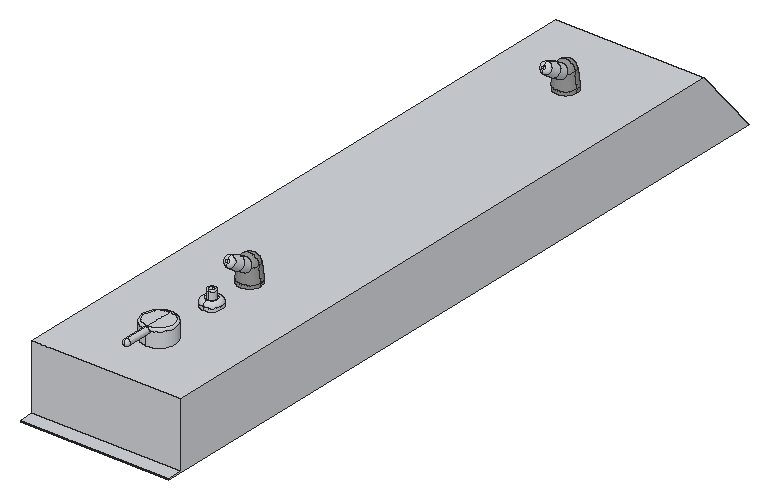
Revit family "Shower_Panel-Willoughby-CWSMS-HCA", category Plumbing Fixtures, Revit 2015
Parameters (values of type "Standard")
  Waste Connection = no
  Vent Connection = no
  URL = "https://www.willoughby-ind.com/wp-content/uploads/2018/01/CWSMS-HCA.pdf"
  Revision = "A"
  Model = "CWSMS-HCA"
  Manufacturer = "Willoughby Industries"
  HW Connection = no
  Fixture Body = Stainless Steel AISI 304-Willoughby
  Description = "Handicap Accessible, Surface Mounted Shower Panel"
  Default Elevation = 0' - 0"
  Contact = "(800)-428-4065"
  CW Connection = no
Reference planes (in)
  plane 1 "Water control": y = 3.5
  plane 2: z = 0
  plane 3 "Center (Left/Right)": x = 0
  plane 4 "Floor Level": y = -56.5
  plane 5 "shower Head HGT": y = 17.5
  plane 6 "Bottom Mountings": y = -2.5
  plane 7 "top mountings": y = 21.5
  plane 8: x = -4
  plane 9: x = 4
  plane 10 "shower HGT": y = 15.5
  plane 11: z = -4
  plane 12: z = 4
Forms (in)
  Revolve 1, solid, material "Stainless Steel AISI 304-Willoughby" <- "Fixture Body", detail levels medium+fine
    sketch origin (0, 25.0344, 3.25) x (-1, 0, 0) y (0, 0, 1)
      loop
        line (0, 0.75) -> (0, 2.34974)
        arc (0, 2.34974) -> (-0.38524, 2.20324) -> (-0.57577, 1.83777) r 0.57974
        line (-0.57577, 1.83777) -> (-0.68026, 0.95) -> (-0.68026, 0.75) -> (0, 0.75)
      axis (0, 0.75) -> (0, 2.34974)
    angle from 0 to 360
  Revolve 2, solid
    sketch origin (0, 7.59396, 3.8125) x (0, 1, 0) y (0, 0, 1)
      loop
        line (17.18469, 1.24866) -> (16.50409, 1.6416) -> (15.94984, 1.9616) -> (15.81127, 2.0416) -> (15.75127, 1.93768)
        arc (15.75127, 1.93768) -> (15.72615, 1.80431) -> (15.78984, 1.68447) r 0.205
        line (15.78984, 1.68447) -> (16.30409, 1.29519) -> (16.98469, 0.90225) -> (17.18469, 1.24866)
      axis (17.18469, 1.24866) -> (15.81127, 2.0416)
    angle from 0 to 360
  Extrusion 3, solid
    sketch origin (0, 0, 0) x (0, 1, 0) y (0, 0, 1)
      loop
        line (33.2844, 0) -> (29.928, 4) -> (-9.8406, 4) -> (-9.8406, 0.06) -> (-10.75, 0.06) -> (-10.75, 0) -> (33.2844, 0)
    from -4.5 to 4.5
  Revolve 4, solid, material "Stainless Steel AISI 304-Willoughby" <- "Fixture Body", detail levels medium+fine
    sketch origin (0, 1.0344, 3.25) x (-1, 0, 0) y (0, 0, 1)
      loop
        line (0, 0.75) -> (0, 2.34974)
        arc (0, 2.34974) -> (-0.38524, 2.20324) -> (-0.57577, 1.83777) r 0.57974
        line (-0.57577, 1.83777) -> (-0.68026, 0.95) -> (-0.68026, 0.75) -> (0, 0.75)
      axis (0, 0.75) -> (0, 2.34974)
    angle from 0 to 360
  Revolve 5, solid
    sketch origin (0, -16.40604, 3.8125) x (0, 1, 0) y (0, 0, 1)
      loop
        line (17.18469, 1.24866) -> (16.50409, 1.6416) -> (15.94984, 1.9616) -> (15.81127, 2.0416) -> (15.75127, 1.93768)
        arc (15.75127, 1.93768) -> (15.72615, 1.80431) -> (15.78984, 1.68447) r 0.205
        line (15.78984, 1.68447) -> (16.30409, 1.29519) -> (16.98469, 0.90225) -> (17.18469, 1.24866)
      axis (17.18469, 1.24866) -> (15.81127, 2.0416)
    angle from 0 to 360
  Revolve 6, solid
    sketch origin (0, 0, 0) x (0, 1, 0) y (0, 0, 1)
      loop
        line (-1.8406, 4) -> (-1.8406, 4.922) -> (-2.0306, 4.922)
        arc (-2.0306, 4.922) -> (-2.07303, 4.90443) -> (-2.0906, 4.862) r 0.06
        line (-2.0906, 4.862) -> (-2.0906, 4.422) -> (-2.2156, 4.422)
        arc (-2.2156, 4.422) -> (-2.39238, 4.34878) -> (-2.4656, 4.172) r 0.25
        line (-2.4656, 4.172) -> (-2.4656, 4) -> (-1.8406, 4)
      axis (-1.8406, 4.922) -> (-1.8406, 4)
    angle from 0 to 360
  Revolve 7, solid
    sketch origin (0, 0, 0) x (0, 1, 0) y (0, 0, 1)
      loop
        line (-6.8406, 4) -> (-5.8406, 4) -> (-5.8406, 5) -> (-6.7156, 5)
        arc (-6.7156, 5) -> (-6.80399, 4.96339) -> (-6.8406, 4.875) r 0.125
        line (-6.8406, 4.875) -> (-6.8406, 4)
      axis (-5.8406, 5) -> (-5.8406, 4)
    angle from 0 to 360
  Revolve 8, solid
    sketch origin (0, 0, 0) x (0, 1, 0) y (0, 0, 1)
      loop
        line (-6.7156, 5) -> (-8.2781, 5)
        arc (-8.2781, 5) -> (-8.41068, 4.94508) -> (-8.4656, 4.8125) r 0.1875
        line (-8.4656, 4.8125) -> (-6.7156, 4.8125) -> (-6.7156, 5)
      axis (-6.7156, 4.8125) -> (-8.4656, 4.8125)
    angle from 0 to 360
Lines and regions (in)
  symbolic lines
    curve 1: line (0, -2.5, 0) -> (0, 21.5, 0)
    curve 2: line (0, 21.5, 4) -> (0, 21.5, 0)
    curve 3: line (0, 21.5, 0) -> (0, -2.5, 0)
    curve 4: arc (-0.68026, 17.5, 0) -> (0, 18.18026, 0) -> (0.68026, 17.5, 0) r 0.68026
    curve 5: arc (0.68026, 17.5, 0) -> (0, 16.81974, 0) -> (-0.68026, 17.5, 0) r 0.68026
    curve 6: spline (-0.39996, 17.19994, 0) -> (-0.38633, 17.25179, 0) -> (-0.34637, 17.3001, 0) -> (-0.28281, 17.34159, 0) -> (-0.19998, 17.37342, 0) -> (-0.10352, 17.39343, 0) -> (0, 17.40026, 0) -> (0.10352, 17.39343, 0) -> (0.19998, 17.37342, 0) -> (0.28281, 17.34159, 0) -> (0.34637, 17.3001, 0) -> (0.38633, 17.25179, 0) -> (0.39996, 17.19994, 0)
    curve 7: line (-0.39996, 17.19994, 0) -> (-0.24316, 15.70816, 0)
    curve 8: line (0.39996, 17.19994, 0) -> (0.24316, 15.70816, 0)
    curve 9: arc (0.24316, 15.70816, 0) -> (0, 15.51166, 0) -> (-0.24316, 15.70816, 0) r 0.2487
    curve 10: line (0, 18.1924, 4) -> (0, 18.1924, 4.25)
    curve 11: line (0, 18.1924, 4.25) -> (0, 16.81974, 4.25)
    curve 12: line (0, 16.81974, 4.25) -> (0, 16.81974, 4)
    curve 13: line (0, 16.81974, 4.25) -> (0, 16.90572, 5.06802)
    curve 15: line (0, 18.1924, 4.25) -> (0, 18, 5.75)
    curve 16: arc (0, 18, 5.75) -> (0, 17.58183, 5.99886) -> (0, 17.11125, 5.8749) r 0.62899
    curve 17: line (0, 17.11125, 5.8749) -> (0, 15.88997, 6.58001)
    curve 18: arc (0, 15.88997, 6.58001) -> (0, 15.573, 6.53829) -> (0, 15.53127, 6.22132) r 0.26258
    curve 19: line (0, 17.11125, 5.8749) -> (0, 17.08923, 5.75)
    curve 20: arc (0, 17.08923, 5.75) -> (0, 17.13201, 5.54224) -> (0, 17.12596, 5.33022) r 0.91785
    curve 21: arc (0, 17.12596, 5.33022) -> (0, 17.03878, 5.18109) -> (0, 16.90706, 5.06934) r 0.51311
    curve 22: line (0, -2.5, 4) -> (0, -2.5, 0)
    curve 23: line (0, 6.1875, 4) -> (0, 5.89882, 4.5)
    curve 24: line (0, 5.89882, 4.5) -> (0, 1.10118, 4.5)
    curve 25: line (0, 1.10118, 4.5) -> (0, 0.8125, 4)
    curve 26: line (0, 4.25, 4.5) -> (0, 4.25, 4.66823)
    curve 27: line (0, 2.75, 4.5) -> (0, 2.75, 4.66823)
    curve 28: arc (0, 4.25, 4.66823) -> (0, 4.18576, 4.87109) -> (0, 4.01645, 5) r 0.35243
    curve 29: arc (0, 2.79871, 4.82082) -> (0, 2.76247, 4.74832) -> (0, 2.75, 4.66823) r 0.26338
    curve 30: line (0, 2.8534, 4.82082) -> (0, 1.26578, 4.82082)
    curve 31: line (0, 1.26578, 4.82082) -> (0, 1.26578, 5.25)
    curve 32: line (0, 1.26578, 5.25) -> (0, 4.01645, 5.25)
    curve 33: line (0, 4.01645, 5.25) -> (0, 4.01645, 4.96283)
    curve 34: line (0, 4.01645, 4.96283) -> (0, 3.95206, 5)
    curve 35: line (0, 3.95206, 5) -> (0, 3.05145, 5)
    curve 36: arc (0, 3.05145, 5) -> (0, 2.93632, 4.92822) -> (0, 2.8534, 4.82082) r 0.38329
    curve 37: line (-4, -2.5, 0) -> (-4, -3.5, 0)
    curve 38: line (-4, -3.5, 0) -> (4, -3.5, 0)
    curve 39: line (4, -3.5, 0) -> (4, -2.5, 0)
    curve 40: line (4, 8.5, 0) -> (-4, 8.5, 0)
    curve 41: line (-4, 8.5, 0) -> (-4, 8.5, 4)
    curve 42: line (-4, 8.5, 4) -> (4, 8.5, 4)
    curve 43: line (4, 8.5, 4) -> (4, 8.5, 0)
    curve 44: line (2.39882, 8.5, 4.5) -> (2.6875, 8.5, 4)
    curve 45: line (-2.39882, 8.5, 4.5) -> (-2.6875, 8.5, 4)
    curve 46: line (-2.39882, 8.5, 4.5) -> (2.39882, 8.5, 4.5)
    curve 47: line (0.68026, 8.5, 4) -> (0.68026, 8.5, 4.25)
    curve 48: line (-0.68026, 8.5, 4) -> (-0.68026, 8.5, 4.25)
    curve 49: line (-0.68026, 8.5, 4.25) -> (-0.5, 8.5, 5.75)
    curve 50: line (0.68026, 8.5, 4.25) -> (0.5, 8.5, 5.75)
    curve 51: arc (0.5, 8.5, 5.75) -> (0, 8.5, 5.99998) -> (-0.5, 8.5, 5.75) r 0.62503
    curve 52: line (0.32917, 8.5, 5.90628) -> (0.22611, 8.5, 6.49075)
    curve 53: line (-0.32372, 8.5, 5.90962) -> (-0.22125, 8.5, 6.49075)
    curve 54: arc (-0.22125, 8.5, 6.49075) -> (0.00243, 8.5, 6.61724) -> (0.22611, 8.5, 6.49075) r 0.26102
  symbolic lines, detail levels fine
    curve 14: line (0, 16.90572, 5.06802) -> (0, 15.53127, 6.22132)
Dimensions and locks (in)
  plane 1 "Water control" to plane 4 "Floor Level" = 5' - 0"
  plane 8 to plane 3 "Center (Left/Right)" = 0' - 4"
  plane 3 "Center (Left/Right)" to plane 9 = 0' - 4"
  plane 6 "Bottom Mountings" to plane 1 "Water control" = 0' - 6"
  plane 5 "shower Head HGT" to plane 10 "shower HGT" = 0' - 2"
  plane 10 "shower HGT" to plane 4 "Floor Level" = 6' - 0"
  plane 7 "top mountings" to plane 6 "Bottom Mountings" = 2' - 0"
  plane 7 "top mountings" to plane 10 "shower HGT" = 0' - 6"
  plane 12 to level = 0' - 4"
  aligned and locked: Revolve 1 sketch curve to Revolve 1 sketch curve
  aligned and locked: Revolve 2 sketch curve to Revolve 2 sketch curve  (x2)
  aligned and locked: Revolve 4 sketch curve to Revolve 4 sketch curve
  aligned and locked: Revolve 5 sketch curve to Revolve 5 sketch curve  (x2)
  aligned and locked: Revolve 6 sketch curve to Revolve 6 sketch curve  (x2)
  aligned and locked: Revolve 7 sketch curve to Revolve 7 sketch curve  (x2)
  aligned and locked: Revolve 8 sketch curve to Revolve 8 sketch curve  (x2)
